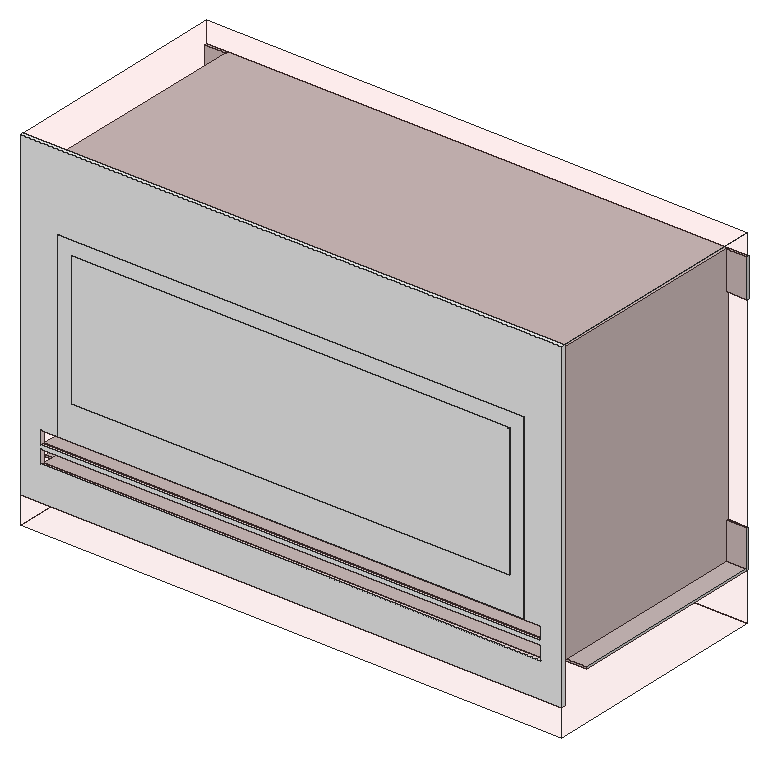
Revit family "Air-Curtain_Customer-Entry_PoweredAire_CLD-CHD", category Mechanical Equipment, host Face, Revit 2016
Family settings
  Host = Face
  Part Type = Normal
  Round Connector Dimension = Use Diameter
  OmniClass Number = 23.75.35.17.21
  OmniClass Title = Air Curtains
  Cut with Voids When Loaded = No
  Shared = No
  Room Calculation Point = No
Parameters
  Warranty Duration (Years) = 0
  Unit Width Notes = "Other Widths available."  # constant formula
  Unit Width = 3' - 3"
  Unit Weight = 0
  Unit Height = 1' - 4 3/4"
  Unit Depth = 1' - 11 1/4"
  URL = "http://www.poweredaire.com/"
  Test Data = ""
  Temperature Rise_Range = "as Specified"
  Standards Conformance = "as Specified"
  Specification = "http://www.arcat.com/sdspecs/htm04/23_34_33pai.htm"
  SpecWizard = ""
  Sound Pressure = "as Specified"
  Sales Information = "http://www.poweredaire.com/contact_us"
  Revision = "R1_2016-08"
  Projection from Host [instance] = 0' - 2"
  Product Properties = ""
  Product Data = "http://www.arcat.com/arcatcos/cos47/arc47623.html"
  Power Rating = 0 W
  Outlet Volume_Range = "as Specified"
  Outlet Velocity_Range = "as Specified"
  Nozzle Width = if(1 = 1, Unit Width - 0' 3", 0' 0")  # 3' - 0"
  Mounting Width = if(1 = 1, Unit Width - 0' 1 1/2", 0' 0")  # 3' - 1 1/2"
  Mounting Height [instance] = 3' - 6"
  Motor RPM = 0
  Motor HP = 0
  Motor Count = 0
  Model = "As Specified"
  Max Height = 0' - 0"
  Manufacturer Website = "http://www.poweredaire.com/"
  Manufacturer Phone - Toll Free = "888-321-2473"
  Manufacturer Phone = "724-588-3305"
  Manufacturer Fax = "724-588-3371"
  Manufacturer Address = "109 Mortensen Rd.  Greenville, PA 16125"
  Manufacturer = "Powered Aire, Inc"
  Maintenance Schedule (Months) = 0
  Keynote = "23 34 33"
  Installation-Fabrication = ""
  Installation Phase = ""
  Include Clearance [instance] = yes
  Heating Element Load = 0 W
  HVAC_Temperature Rise [instance] = 0 °F
  HVAC_Outlet Volume [instance] = 0 CFM
  HVAC_Outlet Velocity Uniformity = 0
  HVAC_Outlet Velocity [instance] = 0 FPM
  Green Building-LEED = "http://www.arcat.com/green/clients/leed_data_47623.html"
  Front Grating Material [instance] = Metal - Steel - PoweredAire - White Perforated
  Frame Finish [instance] = Metal - Steel - PoweredAire - Stainless 304
  Expected Lifespan (Years) = 0
  Electrical_Wattage [instance] = Power Rating + Heating Element Load  # 0 W
  Electrical_Voltage [instance] = 0 V
  Electrical_Phase [instance] = 1
  Electrical_Frequency [instance] = 0 Hz
  Electrical_Amperage [instance] = 0 A
  Drawn By = "Sumex Design, Inc. / Robert S. Weygant, CSI, CDT, SCIP"
  Description = "Powered Aire Air Curtain as Specified"
  Default Elevation = 0' - 0"  # constant formula
  Cover Finish [instance] = Metal - Steel - PoweredAire - White
  Copyright = "©Arcat Inc."
  Construction Details = "http://www.arcat.com/details/powair/prod3336.html"
  Clearance_Top [instance] = 0' - 0"
  Clearance_Side B [instance] = 0' - 0"
  Clearance_Side A [instance] = 0' - 0"
  Clearance_Intake [instance] = 0' - 0"
  Clearance_Front [instance] = 0' - 0"
  Clearance Material [instance] = ARCAT Clearance
  Building Codes = ""
  Available Options [instance] = "as Specified"
  Assembly Code = "D3090400"
Reference planes (in)
  plane 1 "Center (Elevation)": y = 8.51318
  plane 2: z = 0
  plane 3 "Center (Left/Right)": x = 0
  plane 4: y = 16.88818
  plane 5: y = 0.13818
  plane 6: x = -19.5
  plane 7: x = 19.5
  plane 8: z = 25.25
  plane 9 "FF": y = -41.86182
  plane 10: z = 2
  plane 11: x = 18
  plane 12: x = -18
  plane 13: y = 16.88818
  plane 14: y = 0.13818
  plane 15: x = -19.5
  plane 16: x = 19.5
  plane 17: z = 25.25
  plane 18: y = 0.38818
Forms (in)
  Extrusion 1, solid, material "ARCAT Clearance" <- "Clearance Material", visible <- "Include Clearance"
    sketch origin (0, 0, 0) x (0, 1, 0) y (0, 0, 1)
      loop
        line (0.13818, 25.25) -> (0.13818, 0) -> (16.88818, 0) -> (16.88818, 25.25) -> (0.13818, 25.25)
    from -19.5 to 19.5
  Extrusion 2, solid, material "Metal - Steel - PoweredAire - White" <- "Cover Finish"
    sketch origin (0, 8.51318, 0) x (1, 0, 0) y (0, 0, 1)
      loop
        line (-19.5, 25.25) -> (-19.5, 2) -> (19.5, 2) -> (19.5, 25.25) -> (-19.5, 25.25)
    from 8.125 to 8.375
  Extrusion 3, solid, material "Metal - Steel - PoweredAire - Stainless 304" <- "Frame Finish"
    sketch origin (0, 8.51318, 0) x (1, 0, 0) y (0, 0, 1)
      loop
        line (18, 23.75) -> (-18, 23.75) -> (-18, 3.5) -> (18, 3.5) -> (18, 23.75)
    from -8.375 to 8.125
  Extrusion 4, void
    sketch origin (0, 0, 0) x (0, 1, 0) y (0, 0, 1)
      loop
        line (0.13818, 5.5) -> (0.13818, 4.5) -> (1.88818, 4.5) -> (1.88818, 6.75) -> (0.13818, 6.75) -> (0.13818, 5.75) -> (1.63818, 5.75) -> (1.63818, 5.5) -> (0.13818, 5.5)
    from -18 to 18
  Extrusion 5, solid, material "Metal - Steel - PoweredAire - White" <- "Cover Finish"
    sketch origin (-11.83813, 0.13818, 48) x (-1, 0, 0) y (0, 0, 1)
      loop
        line (4.91187, -41.25) -> (4.91187, -28.25) -> (-28.58813, -28.25) -> (-28.58813, -41.25) -> (4.91187, -41.25)
    from 0 to -0.03125
  Extrusion 6, solid, material "Metal - Steel - PoweredAire - White Perforated" <- "Front Grating Material"
    sketch origin (-11.83813, 0.10693, 48) x (1, 0, 0) y (0, 0, 1)
      loop
        line (-3.91187, -29.25) -> (-3.91187, -38.75) -> (27.58813, -38.75) -> (27.58813, -29.25) -> (-3.91187, -29.25)
    from 0 to 0.03125
  Extrusion 7, solid, material "Metal - Steel - PoweredAire - Stainless 304" <- "Frame Finish"
    sketch origin (-15.17702, -180, 2) x (-1, 0, 0) y (0, -1, 0)
      loop
        line (-33.17702, -196.88818) -> (-33.17702, -182.38818) -> (-34.67702, -182.38818) -> (-34.67702, -196.88818) -> (-33.17702, -196.88818)
      loop
        line (2.82298, -196.88818) -> (4.32298, -196.88818) -> (4.32298, -182.38818) -> (2.82298, -182.38818) -> (2.82298, -196.88818)
    from 1.5 to 1.625
  Extrusion 8, solid, material "Metal - Steel - PoweredAire - Stainless 304" <- "Frame Finish"
    sketch origin (-11.83813, 16.88818, 48) x (-1, 0, 0) y (0, 0, 1)
      loop
        line (7.66187, -44.5) -> (7.66187, -41.75) -> (6.16187, -41.75) -> (6.16187, -44.5) -> (7.66187, -44.5)
      loop
        line (-31.33813, -44.5) -> (-29.83813, -44.5) -> (-29.83813, -41.75) -> (-31.33813, -41.75) -> (-31.33813, -44.5)
      loop
        line (7.66187, -27) -> (7.66187, -24.25) -> (6.16187, -24.25) -> (6.16187, -27) -> (7.66187, -27)
      loop
        line (-31.33813, -27) -> (-29.83813, -27) -> (-29.83813, -24.25) -> (-31.33813, -24.25) -> (-31.33813, -27)
    from 0 to -0.125
Cuts and joins
  Extrusion 4 cuts Extrusion 2
  Extrusion 4 cuts Extrusion 3
Dimensions and locks (in)
  equal spacing: plane 4, plane 1 "Center (Elevation)", plane 5
  "Unit Height": plane 4 to plane 5
  equal spacing: plane 6, plane 3 "Center (Left/Right)", plane 7
  "Unit Width": plane 6 to plane 7
  "Mounting Height": plane 5 to plane 9 "FF"
  "Projection from Host": plane 10 to level
  "Unit Depth": plane 8 to plane 10
  locked: plane 6 to plane 12 at 1.5
  locked: plane 11 to plane 7 at 1.5
  "Clearance_Side A": plane 7 to plane 16
  "Clearance_Side B": plane 15 to plane 6
  "Clearance_Top": plane 13 to plane 4
  "Clearance_Intake": plane 5 to plane 14
  "Clearance_Front": plane 17 to plane 8
  locked: plane 8 to Extrusion 3 sketch curve at 1.5
  locked: Extrusion 3 sketch curve to plane 10 at 1.5
  locked: plane 7 to Extrusion 3 sketch curve at 1.5
  locked: Extrusion 3 sketch curve to plane 6 at 1.5
  locked: plane 18 to plane 5 at 0.25
  Extrusion 4 sketch curve to Extrusion 4 sketch curve to Extrusion 4 sketch curve to Extrusion 4 sketch curve to plane 10 = 0' - 1" locked, 0' - 0 1/4" locked, 0' - 1" locked, 0' - 2 1/2" locked
  Extrusion 5 sketch curve to Extrusion 5 sketch curve to plane 10 = 1' - 1" locked, 0' - 4 3/4" locked
  locked: plane 11 to Extrusion 5 sketch curve at 1.25
  locked: Extrusion 5 sketch curve to plane 12 at 1.25
  Extrusion 6 sketch curve to Extrusion 6 sketch curve to plane 10 = 0' - 9 1/2" locked, 0' - 7 1/4" locked
  locked: Extrusion 6 sketch curve to plane 12 at 2.25
  locked: plane 11 to Extrusion 6 sketch curve at 2.25
  locked: plane 4 to Extrusion 7 sketch curve at 14.5  (x2)
  Extrusion 8 sketch curve to Extrusion 8 sketch curve to Extrusion 8 sketch curve to Extrusion 8 sketch curve to plane 10 = 0' - 2 3/4" locked, 1' - 2 3/4" locked, 0' - 2 3/4" locked, 0' - 1 1/2" locked  (x2)
  aligned and locked: plane 2 to host face
  aligned and locked: level to host face
  aligned and locked: Extrusion 1 sketch curve to plane 17
  aligned and locked: plane 14 to Extrusion 1 sketch curve
  aligned and locked: level to Extrusion 1 sketch curve
  aligned and locked: Extrusion 1 sketch curve to plane 13
  aligned and locked: plane 16 to Extrusion 1
  aligned and locked: Extrusion 1 to plane 15
  aligned and locked: Extrusion 2 sketch curve to plane 8
  aligned and locked: plane 6 to Extrusion 2 sketch curve
  aligned and locked: Extrusion 2 sketch curve to plane 10
  aligned and locked: Extrusion 2 sketch curve to plane 7
  aligned and locked: Extrusion 3 to plane 4
  aligned and locked: Extrusion 3 to plane 18
  aligned and locked: Extrusion 2 to plane 18
  aligned and locked: Extrusion 2 to plane 5
  aligned and locked: plane 11 to Extrusion 4
  aligned and locked: Extrusion 4 to plane 12
  aligned and locked: Extrusion 7 sketch curve to plane 4  (x2)
Automatic sketch dimensions
  host sketch curve to host sketch curve = 8' - 0"  (x2)
  Extrusion 4 sketch curve to plane 5 = 0' - 0"  (x2)
  plane 18 to Extrusion 4 sketch curve = 0' - 1 1/4"
  Extrusion 4 sketch curve to Extrusion 4 sketch curve = 0' - 0 1/4"
  Extrusion 7 sketch curve to plane 7 = 0' - 0"
  Extrusion 7 sketch curve to plane 11 = 0' - 0"
  Extrusion 7 sketch curve to plane 12 = 0' - 0"
  Extrusion 7 sketch curve to plane 6 = 0' - 0"
  Extrusion 8 sketch curve to plane 7 = 0' - 0"  (x2)
  Extrusion 8 sketch curve to plane 11 = 0' - 0"  (x2)
  Extrusion 8 sketch curve to plane 12 = 0' - 0"  (x2)
  Extrusion 8 sketch curve to plane 6 = 0' - 0"  (x2)
Connectors (in)
  electrical at (-18, 4.88818, 9.625), driven by "Electrical_Voltage", driven by "Electrical_Phase"
    settings: on cut or joined group of Extrusion 3, Extrusion 4, index 1, voltage 0 V, apparent load 0 VA, apparent load phase1 0 VA, apparent load phase2 0 VA, apparent load phase3 0 VA, power factor 1, load classification "Other", number of poles 1, system type 31, power factor state 1, is connector primary yes, connector utility no, sub classification motor no, connector description ""
